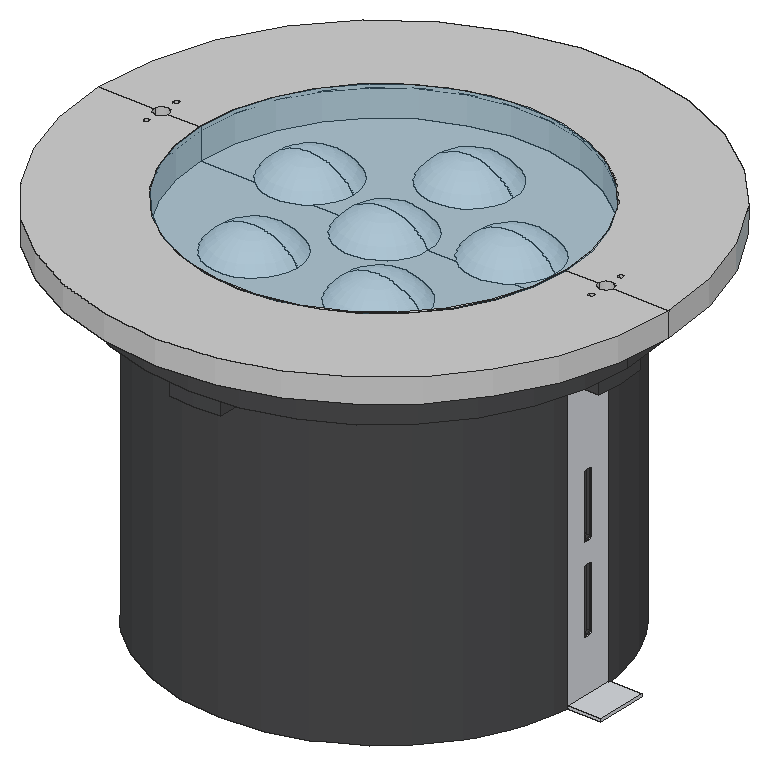
Revit family "INGROUND 18W SIMETRICA_EM18SW.1.45", category Luminarias, Revit 2019
Family settings
  Cota de conector redondo = Diámetro de uso
  Tipo de pieza = Normal
  Se basa en plano de trabajo = Sí
  Siempre vertical = No
  Corte con vacíos al cargar = No
  Origen de luz = Sí
  Compartido = No
  Punto de cálculo de habitación = No
Parameters (values of type "EMP_EM18SW.1.45")
  Ángulo de inclinación = 105.00°
  Ángulo de enfoque = 45.00°
  Ángulo de campo de foco = 45.00°
  Zone [instance] = ""
  Watt per fixture = 18.6
  Wattage = 18.6 W
  built-in parameter 1150107 = 3000 (stored number, unit not read)
  built-in parameter 1150110 = 1 (stored number, unit not read)
  built-in parameter 1150109 = 1 (stored number, unit not read)
  built-in parameter 1150112 = 1 (stored number, unit not read)
  built-in parameter 1150113 = 1 (stored number, unit not read)
  built-in parameter 1114218 = 1 (stored number, unit not read)
  Keynote = ""
  built-in parameter 1150137 = (empty or 0)
  built-in parameter 1150132 = (empty or 0)
  Modelo = "EM18SW.1.45"
  Lámpara = "NICHIA"
  Longitud de símbolo de origen de luz = 500 mm
  built-in parameter 1150105 = 4631.1 (stored number, unit not read)
  built-in parameter 1150102 = (empty or 0)
  built-in parameter 1150106 = 46.311 (stored number, unit not read)
  Lumens = 1604.99 lm
  Color Filter = 16777215
  built-in parameter 1114217 = 1 (stored number, unit not read)
  built-in parameter 1150139 = (empty or 0)
  Fabricante = "BRILLANT"
  Default Elevation = 0 mm
  built-in parameter 1150104 = 8.0166 (stored number, unit not read)
  Descripción = "LUMINARIA TIPO CIRCULAR PARA EMPOTRAR EN PISO CON CUERPO DE ALUMINIO FUNDIDO A PRESION CUBIERTO CON POLVO GRIS OSCURO, CON CUBIERTA DE ACERO INOXIDABLE Y VIDRIO TEMPLADO DE 8MM, HOUSING TIPO ABS DE 171.5MM DE DIAMETRO Y 123.6MM DE PROFUNDO. CUENTA CON 6 LED TIPO NICHIA CON UNA POTENCIA TOTAL DE 18.6W, A UNA TEMPERATURA EN BLANCO CALIDO 3000K CON 1605 LUMENES, 160mA EN CORRIENTE DE OPERACIÓN, IP67, IK09, IRC 80, DISPONIBLE PARA ATENUAR EN TRIAC (OPCIONAL), APERTURA EN 45 GRADOS POR PROYECTO, ALIMENTADA A 100-277V"
  built-in parameter 1150115 = 1 (stored number, unit not read)
  built-in parameter 1150114 = 1 (stored number, unit not read)
  Comentarios de vataje = "100-277V"
  built-in parameter 1150138 = (empty or 0)
  built-in parameter 1150134 = (empty or 0)
  Circuit [instance] = ""
  Dimming Lamp Color Temperature Shift = (empty or 0)
  built-in parameter 1150133 = 10 (stored number, unit not read)
Reference planes
  plane 1 "Centro (Frontal/Posterior)": y = 0
  plane 2: z = 0
  plane 3 "Centro (Izquierda/Derecha)": x = 0
  plane 4: z = -123.6
  plane 5: x = -653.678
  plane 6: x = 600
  plane 7: x = -90
  plane 8: x = 90
  plane 9: x = -78
  plane 10: x = 78
Forms (mm)
  Revolve 1, solid, material "Acero Inoxidable"
    sketch origin (0, 0, 0) x (1, 0, 0) y (0, 0, 1)
      loop
        line (-64.334, 7.629) -> (-100, 7.629) -> (-100, -0.88) -> (-72.479, -0.88) -> (-72.479, -12.767) -> (-57.479, -12.767) -> (-57.479, -60) -> (0, -60) -> (0, -3.134) -> (-64.334, -3.134) -> (-64.334, 7.629)
      axis (0, 7.629) -> (0, -60)
    angle from 0 to 360
  Extrusion 2, solid, material "Cristal"
    sketch origin (0, 0, 0) x (1, 0, 0) y (0, 1, 0)
      loop
        circle (0, 0) r 64.334
    from 6.498 to 7.824
  Extrusion 3, solid, material "Plastico"
    sketch origin (0, 0, 0) x (1, 0, 0) y (0, 1, 0)
      loop
        circle (0, 0) r 10
    from -75.376 to -67.99
  Extrusion 4, solid, material "Cobre"
    sketch origin (0, 0, 0) x (1, 0, 0) y (0, 1, 0)
      loop
        line (12.101, 0) -> (6.051, 10.48) -> (-6.051, 10.48) -> (-12.101, 0) -> (-6.051, -10.48) -> (6.051, -10.48) -> (12.101, 0)
    from -67.99 to -60
  Revolve 5, solid, material "Plastico"
    sketch origin (0, 0, 0) x (1, 0, 0) y (0, 0, 1)
      loop
        line (-85.75, -0.88) -> (-85.75, -15.267) -> (-72.423, -15.267) -> (-72.423, -123.6) -> (0, -123.6) -> (0, -121.1) -> (-69.88, -121.1) -> (-69.88, -12.767) -> (-83.293, -12.767) -> (-83.293, -0.88) -> (-85.75, -0.88)
      axis (0, -0.88) -> (0, -123.6)
    angle from 0 to 360
  Extrusion 6, solid, material "Plastico"
    sketch origin (0, 0, 0) x (1, 0, 0) y (0, 1, 0)
      loop
        line (-9, -71.918) -> (-9, -82.576)
        arc (-9, -82.576) -> (-0.003, -83.209) -> (9, -82.666) r 69.169
        line (9, -82.666) -> (9, -71.918)
        arc (9, -71.918) -> (0, -72.479) -> (-9, -71.918) r 72.479
      loop
        arc (-9, 71.918) -> (0, 72.479) -> (9, 71.918) r 72.479
        line (9, 71.918) -> (9, 82.666)
        arc (9, 82.666) -> (-0.003, 83.209) -> (-9, 82.576) r 69.169
        line (-9, 82.576) -> (-9, 71.918)
      loop
        line (71.917, -8.997) -> (82.575, -8.997)
        arc (82.575, -8.997) -> (83.209, 0) -> (82.666, 9.003) r 69.169
        line (82.666, 9.003) -> (71.917, 9.003)
        arc (71.917, 9.003) -> (72.478, 0.003) -> (71.917, -8.997) r 72.479
      loop
        arc (-71.917, -8.997) -> (-72.478, 0.003) -> (-71.917, 9.003) r 72.479
        line (-71.917, 9.003) -> (-82.666, 9.003)
        arc (-82.666, 9.003) -> (-83.209, 0) -> (-82.575, -8.997) r 69.169
        line (-82.575, -8.997) -> (-71.917, -8.997)
    from -21.197 to -15.267
  Extrusion 7, void
    sketch origin (0, 0, 0) x (1, 0, 0) y (0, 1, 0)
      loop
        line (-74.25, 9.003) -> (-74.25, -8.997) -> (-70.806, -8.997) -> (-70.806, 9.003) -> (-74.25, 9.003)
      loop
        line (74.25, 9.003) -> (70.806, 9.003) -> (70.806, -8.997) -> (74.25, -8.997) -> (74.25, 9.003)
    from -123.6 to -21.197
  Extrusion 8, void
    sketch origin (0, 0, 0) x (1, 0, 0) y (0, 1, 0)
      loop
        circle (-78, 6.504) r 0.895
      loop
        circle (-78, 0) r 2.557
      loop
        circle (-78, -6.504) r 0.895
      loop
        circle (78, 6.504) r 0.895
      loop
        circle (78, 0) r 2.557
      loop
        circle (78, -6.504) r 0.895
    from -3.838 to 7.824
  Revolve 9, solid
    sketch origin (31.265, 37.192, -3.091) x (-1, 0, 0) y (0, 0, 1)
      loop
        line (31.083, 0) -> (46.481, 0)
        arc (46.481, 0) -> (39.824, 6.053) -> (31.083, 8.187) r 18.242
        line (31.083, 8.187) -> (31.083, 0)
      axis (31.083, 8.187) -> (31.083, 0)
    angle from 0 to 360
  Extrusion 10, solid
    sketch origin (0, 0, 0) x (1, 0, 0) y (0, 0, 1)
      loop
        line (-70.806, -21.197) -> (-71.606, -21.197) -> (-71.606, -122.8) -> (-83.232, -122.8) -> (-83.232, -123.6) -> (-70.806, -123.6) -> (-70.806, -21.197)
      loop
        line (70.806, -21.197) -> (70.806, -123.6) -> (83.232, -123.6) -> (83.232, -122.8) -> (71.606, -122.8) -> (71.606, -21.197) -> (70.806, -21.197)
    from -9.003 to 8.997
  Extrusion 11, void
    sketch origin (0, 0, 0) x (0, 1, 0) y (0, 0, 1)
      loop
        line (1.004, -51.93) -> (-1.004, -51.93)
        arc (-1.004, -51.93) -> (-1.62, -52.185) -> (-1.875, -52.801) r 0.871
        line (-1.875, -52.801) -> (-1.875, -73.895)
        arc (-1.875, -73.895) -> (-1.62, -74.511) -> (-1.004, -74.766) r 0.871
        line (-1.004, -74.766) -> (1.004, -74.766)
        arc (1.004, -74.766) -> (1.62, -74.511) -> (1.875, -73.895) r 0.871
        line (1.875, -73.895) -> (1.875, -52.801)
        arc (1.875, -52.801) -> (1.62, -52.185) -> (1.004, -51.93) r 0.871
      loop
        line (1.004, -81.93) -> (-1.004, -81.93)
        arc (-1.004, -81.93) -> (-1.62, -82.185) -> (-1.875, -82.801) r 0.871
        line (-1.875, -82.801) -> (-1.875, -103.895)
        arc (-1.875, -103.895) -> (-1.62, -104.511) -> (-1.004, -104.766) r 0.871
        line (-1.004, -104.766) -> (1.004, -104.766)
        arc (1.004, -104.766) -> (1.62, -104.511) -> (1.875, -103.895) r 0.871
        line (1.875, -103.895) -> (1.875, -82.801)
        arc (1.875, -82.801) -> (1.62, -82.185) -> (1.004, -81.93) r 0.871
    from -74.158 to -68.356
  Extrusion 12, void
    sketch origin (0, 0, 0) x (0, 1, 0) y (0, 0, -1)
      loop
        arc (1.004, 51.93) -> (1.62, 52.185) -> (1.875, 52.801) r 0.871
        line (1.875, 52.801) -> (1.875, 73.895)
        arc (1.875, 73.895) -> (1.62, 74.511) -> (1.004, 74.766) r 0.871
        line (1.004, 74.766) -> (-1.004, 74.766)
        arc (-1.004, 74.766) -> (-1.62, 74.511) -> (-1.875, 73.895) r 0.871
        line (-1.875, 73.895) -> (-1.875, 52.801)
        arc (-1.875, 52.801) -> (-1.62, 52.185) -> (-1.004, 51.93) r 0.871
        line (-1.004, 51.93) -> (1.004, 51.93)
      loop
        arc (1.004, 81.93) -> (1.62, 82.185) -> (1.875, 82.801) r 0.871
        line (1.875, 82.801) -> (1.875, 103.895)
        arc (1.875, 103.895) -> (1.62, 104.511) -> (1.004, 104.766) r 0.871
        line (1.004, 104.766) -> (-1.004, 104.766)
        arc (-1.004, 104.766) -> (-1.62, 104.511) -> (-1.875, 103.895) r 0.871
        line (-1.875, 103.895) -> (-1.875, 82.801)
        arc (-1.875, 82.801) -> (-1.62, 82.185) -> (-1.004, 81.93) r 0.871
        line (-1.004, 81.93) -> (1.004, 81.93)
    from -74.158 to -68.356
  Revolve 13, solid
    sketch origin (66.637, 11.493, -3.091) x (-1, 0, 0) y (0, 0, 1)
      loop
        line (31.083, 0) -> (46.481, 0)
        arc (46.481, 0) -> (39.824, 6.053) -> (31.083, 8.187) r 18.242
        line (31.083, 8.187) -> (31.083, 0)
      axis (31.083, 8.187) -> (31.083, 0)
    angle from 0 to 360
  Revolve 14, solid
    sketch origin (53.126, -30.089, -3.091) x (-1, 0, 0) y (0, 0, 1)
      loop
        line (31.083, 0) -> (46.481, 0)
        arc (46.481, 0) -> (39.824, 6.053) -> (31.083, 8.187) r 18.242
        line (31.083, 8.187) -> (31.083, 0)
      axis (31.083, 8.187) -> (31.083, 0)
    angle from 0 to 360
  Revolve 15, solid
    sketch origin (9.405, -30.089, -3.091) x (-1, 0, 0) y (0, 0, 1)
      loop
        line (31.083, 0) -> (46.481, 0)
        arc (46.481, 0) -> (39.824, 6.053) -> (31.083, 8.187) r 18.242
        line (31.083, 8.187) -> (31.083, 0)
      axis (31.083, 8.187) -> (31.083, 0)
    angle from 0 to 360
  Revolve 16, solid
    sketch origin (-4.106, 11.493, -3.091) x (-1, 0, 0) y (0, 0, 1)
      loop
        line (31.083, 0) -> (46.481, 0)
        arc (46.481, 0) -> (39.824, 6.053) -> (31.083, 8.187) r 18.242
        line (31.083, 8.187) -> (31.083, 0)
      axis (31.083, 8.187) -> (31.083, 0)
    angle from 0 to 360
  Revolve 17, solid
    sketch origin (31.265, 0, -3.091) x (-1, 0, 0) y (0, 0, 1)
      loop
        line (31.083, 0) -> (46.481, 0)
        arc (46.481, 0) -> (39.824, 6.053) -> (31.083, 8.187) r 18.242
        line (31.083, 8.187) -> (31.083, 0)
      axis (31.083, 8.187) -> (31.083, 0)
    angle from 0 to 360
Cuts and joins
  Extrusion 7, Extrusion 12 cuts Revolve 5
  Extrusion 7, Extrusion 8, Extrusion 11 cuts Revolve 1
  Extrusion 11 cuts Extrusion 3
  Extrusion 11 cuts Extrusion 4
  Extrusion 11, Extrusion 12 cuts Extrusion 10
Dimensions and locks
  plane 2 to plane 4 = 123.6 mm
  level to plane 4 = 123.6 mm
  equal spacing: plane 7, plane 3 "Centro (Izquierda/Derecha)", plane 8
  plane 7 to plane 3 "Centro (Izquierda/Derecha)" = 90 mm
  plane 7 to plane 8 = 180 mm
  level to Extrusion 3 = 75.376 mm
  plane 8 to plane 7 = 180 mm
  equal spacing: plane 10, plane 3 "Centro (Izquierda/Derecha)", plane 9
  plane 3 "Centro (Izquierda/Derecha)" to plane 9 = 78 mm
  plane 10 to plane 9 = 156 mm
  plane 3 "Centro (Izquierda/Derecha)" to Revolve 5 sketch curve = 85.75 mm
  Revolve 1 sketch curve to Revolve 1 sketch curve = 100 mm
  aligned and locked: level to plane 2
Automatic sketch dimensions
  Revolve 1 sketch curve to plane 3 "Centro (Izquierda/Derecha)" = 0 mm  (x2)
  Revolve 1 sketch curve to level = 0.88 mm
  plane 9 to Revolve 1 sketch curve = 5.521 mm
  Revolve 1 sketch curve to level = 3.134 mm
  Revolve 1 sketch curve to Revolve 1 sketch curve = 8.145 mm
  Revolve 1 sketch curve to Revolve 1 sketch curve = 6.855 mm
  Revolve 1 sketch curve to Revolve 1 sketch curve = 9.634 mm
  Revolve 1 sketch curve to Revolve 1 sketch curve = 56.866 mm
  level to Revolve 1 sketch curve = 7.629 mm
  Revolve 1 sketch curve to Revolve 1 sketch curve = 17 mm
  level to Revolve 1 sketch curve = 40 mm
  plane 1 "Centro (Frontal/Posterior)" to Extrusion 2 sketch curve = 0 mm
  Extrusion 2 sketch curve to plane 3 "Centro (Izquierda/Derecha)" = 0 mm
  plane 1 "Centro (Frontal/Posterior)" to Extrusion 3 sketch curve = 0 mm
  Extrusion 3 sketch curve to plane 3 "Centro (Izquierda/Derecha)" = 0 mm
  Revolve 5 sketch curve to plane 4 = 0 mm
  Revolve 5 sketch curve to plane 3 "Centro (Izquierda/Derecha)" = 0 mm  (x2)
  Revolve 5 sketch curve to Revolve 5 sketch curve = 2.457 mm
  plane 9 to Revolve 5 sketch curve = 5.577 mm
  Revolve 5 sketch curve to Revolve 5 sketch curve = 2.544 mm
  plane 4 to Revolve 5 sketch curve = 2.5 mm
  Revolve 5 sketch curve to level = 15.267 mm
  Revolve 5 sketch curve to Revolve 5 sketch curve = 2.5 mm
  Revolve 5 sketch curve to level = 0.88 mm
  Revolve 5 sketch curve to plane 4 = 33.38 mm
  level to Revolve 5 sketch curve = 26.62 mm
  Extrusion 6 sketch curve to Extrusion 6 sketch curve = 0 mm  (x2)
  plane 1 "Centro (Frontal/Posterior)" to Extrusion 6 sketch curve = 0 mm
  Extrusion 6 sketch curve to plane 3 "Centro (Izquierda/Derecha)" = 0 mm  (x2)
  Extrusion 6 sketch curve to plane 3 "Centro (Izquierda/Derecha)" = 9 mm  (x2)
  Extrusion 6 sketch curve to plane 1 "Centro (Frontal/Posterior)" = 0.349 mm  (x2)
  Extrusion 6 sketch curve to plane 3 "Centro (Izquierda/Derecha)" = 14.041 mm
  plane 9 to Extrusion 6 sketch curve = 6.083 mm  (x2)
  Extrusion 6 sketch curve to plane 9 = 4.575 mm
  Extrusion 6 sketch curve to plane 9 = 4.666 mm
  plane 3 "Centro (Izquierda/Derecha)" to Extrusion 6 sketch curve = 0 mm
  plane 3 "Centro (Izquierda/Derecha)" to Extrusion 6 sketch curve = 0.346 mm  (x2)
  plane 3 "Centro (Izquierda/Derecha)" to Extrusion 6 sketch curve = 9 mm  (x2)
  plane 3 "Centro (Izquierda/Derecha)" to Extrusion 6 sketch curve = 14.041 mm
  Extrusion 6 sketch curve to plane 10 = 6.083 mm  (x2)
  plane 10 to Extrusion 6 sketch curve = 4.575 mm
  plane 10 to Extrusion 6 sketch curve = 4.666 mm
  plane 1 "Centro (Frontal/Posterior)" to Extrusion 6 sketch curve = 8.997 mm  (x2)
  plane 1 "Centro (Frontal/Posterior)" to Extrusion 6 sketch curve = 14.041 mm
  Extrusion 6 sketch curve to Extrusion 6 sketch curve = 57.877 mm  (x2)
  Extrusion 6 sketch curve to Extrusion 6 sketch curve = 10.658 mm  (x2)
  Extrusion 6 sketch curve to plane 1 "Centro (Frontal/Posterior)" = 14.041 mm
  plane 9 to Extrusion 7 sketch curve = 3.75 mm
  Extrusion 7 sketch curve to Extrusion 7 sketch curve = 3.444 mm  (x2)
  Extrusion 7 sketch curve to plane 10 = 7.194 mm
  plane 1 "Centro (Frontal/Posterior)" to Extrusion 7 sketch curve = 8.997 mm  (x2)
  Extrusion 7 sketch curve to plane 1 "Centro (Frontal/Posterior)" = 9.003 mm  (x2)
  plane 1 "Centro (Frontal/Posterior)" to Extrusion 8 sketch curve = 0 mm  (x2)
  Extrusion 8 sketch curve to plane 9 = 0 mm  (x3)
  Extrusion 8 sketch curve to plane 10 = 0 mm  (x3)
  plane 1 "Centro (Frontal/Posterior)" to Extrusion 8 sketch curve = 6.504 mm  (x2)
  Extrusion 8 sketch curve to plane 1 "Centro (Frontal/Posterior)" = 6.504 mm  (x2)
  plane 3 "Centro (Izquierda/Derecha)" to Revolve 9 sketch curve = 0.182 mm  (x2)
  plane 3 "Centro (Izquierda/Derecha)" to Revolve 9 sketch curve = 0.006 mm
  Revolve 9 sketch curve to level = 3.091 mm
  Revolve 9 sketch curve to plane 3 "Centro (Izquierda/Derecha)" = 15.216 mm
  Revolve 9 sketch curve to Revolve 9 sketch curve = 10.054 mm
  Revolve 9 sketch curve to Revolve 9 sketch curve = 1.925 mm
  Revolve 9 sketch curve to Revolve 9 sketch curve = 3.67 mm
  Extrusion 10 sketch curve to plane 4 = 0 mm  (x2)
  plane 4 to Extrusion 10 sketch curve = 0.8 mm  (x2)
  Extrusion 10 sketch curve to plane 9 = 5.232 mm
  plane 9 to Extrusion 10 sketch curve = 6.394 mm
  Extrusion 10 sketch curve to Extrusion 10 sketch curve = 0.8 mm  (x2)
  Extrusion 10 sketch curve to plane 10 = 7.194 mm
  plane 10 to Extrusion 10 sketch curve = 5.232 mm
  Extrusion 10 sketch curve to level = 21.197 mm  (x2)
  plane 1 "Centro (Frontal/Posterior)" to Extrusion 11 sketch curve = 1.875 mm  (x2)
  Extrusion 11 sketch curve to Extrusion 11 sketch curve = 0.871 mm  (x4)
  plane 1 "Centro (Frontal/Posterior)" to Extrusion 11 sketch curve = 1.004 mm  (x2)
  Extrusion 11 sketch curve to plane 1 "Centro (Frontal/Posterior)" = 1.004 mm  (x4)
  plane 4 to Extrusion 11 sketch curve = 18.834 mm
  Extrusion 11 sketch curve to Extrusion 11 sketch curve = 21.095 mm  (x2)
  Extrusion 11 sketch curve to Extrusion 11 sketch curve = 7.164 mm
  plane 1 "Centro (Frontal/Posterior)" to Extrusion 12 sketch curve = 1.875 mm  (x2)
  Extrusion 12 sketch curve to Extrusion 12 sketch curve = 0.871 mm  (x4)
  plane 1 "Centro (Frontal/Posterior)" to Extrusion 12 sketch curve = 1.004 mm  (x2)
  Extrusion 12 sketch curve to plane 1 "Centro (Frontal/Posterior)" = 1.004 mm  (x4)
  Extrusion 12 sketch curve to level = 51.93 mm
  Extrusion 12 sketch curve to Extrusion 12 sketch curve = 21.095 mm
  Extrusion 12 sketch curve to Extrusion 12 sketch curve = 7.164 mm
  plane 4 to Extrusion 12 sketch curve = 19.705 mm
  Revolve 13 sketch curve to level = 3.091 mm
  plane 3 "Centro (Izquierda/Derecha)" to Revolve 13 sketch curve = 35.554 mm
  Revolve 13 sketch curve to Revolve 13 sketch curve = 0.176 mm
  Revolve 13 sketch curve to Revolve 13 sketch curve = 15.398 mm
  Revolve 13 sketch curve to Revolve 13 sketch curve = 10.054 mm
  Revolve 13 sketch curve to Revolve 13 sketch curve = 0 mm
  Revolve 13 sketch curve to Revolve 13 sketch curve = 1.925 mm
  Revolve 13 sketch curve to Revolve 13 sketch curve = 3.67 mm
  Revolve 14 sketch curve to level = 3.091 mm
  plane 3 "Centro (Izquierda/Derecha)" to Revolve 14 sketch curve = 22.043 mm
  Revolve 14 sketch curve to Revolve 14 sketch curve = 0.176 mm
  plane 3 "Centro (Izquierda/Derecha)" to Revolve 14 sketch curve = 6.645 mm
  Revolve 14 sketch curve to Revolve 14 sketch curve = 10.054 mm
  Revolve 14 sketch curve to Revolve 14 sketch curve = 0 mm
  Revolve 14 sketch curve to Revolve 14 sketch curve = 1.925 mm
  Revolve 14 sketch curve to Revolve 14 sketch curve = 3.67 mm
  Revolve 15 sketch curve to level = 3.091 mm
  Revolve 15 sketch curve to plane 3 "Centro (Izquierda/Derecha)" = 21.679 mm
  Revolve 15 sketch curve to Revolve 15 sketch curve = 0.176 mm
  Revolve 15 sketch curve to Revolve 15 sketch curve = 15.398 mm
  Revolve 15 sketch curve to Revolve 15 sketch curve = 10.054 mm
  Revolve 15 sketch curve to Revolve 15 sketch curve = 0 mm
  Revolve 15 sketch curve to Revolve 15 sketch curve = 1.925 mm
  Revolve 15 sketch curve to Revolve 15 sketch curve = 3.67 mm
  Revolve 16 sketch curve to level = 3.091 mm
  Revolve 16 sketch curve to plane 3 "Centro (Izquierda/Derecha)" = 35.19 mm
  Revolve 16 sketch curve to Revolve 16 sketch curve = 0.176 mm
  Revolve 16 sketch curve to Revolve 16 sketch curve = 15.398 mm
  Revolve 16 sketch curve to Revolve 16 sketch curve = 10.054 mm
  Revolve 16 sketch curve to Revolve 16 sketch curve = 0 mm
  Revolve 16 sketch curve to Revolve 16 sketch curve = 1.925 mm
  Revolve 16 sketch curve to Revolve 16 sketch curve = 3.67 mm
  plane 3 "Centro (Izquierda/Derecha)" to Revolve 17 sketch curve = 0.182 mm  (x2)
  plane 3 "Centro (Izquierda/Derecha)" to Revolve 17 sketch curve = 0.006 mm
  Revolve 17 sketch curve to level = 3.091 mm
  Revolve 17 sketch curve to plane 3 "Centro (Izquierda/Derecha)" = 15.216 mm
  Revolve 17 sketch curve to Revolve 17 sketch curve = 10.054 mm
  Revolve 17 sketch curve to Revolve 17 sketch curve = 1.925 mm
  Revolve 17 sketch curve to Revolve 17 sketch curve = 3.67 mm
  radius of Extrusion 2 sketch curve = 64.334 mm
  radius of Extrusion 3 sketch curve = 10 mm
  radius of Extrusion 8 sketch curve = 0.895 mm  (x4)
  radius of Extrusion 8 sketch curve = 2.557 mm  (x2)
Connectors
  electrical at (0, 0, -121.1)
    settings: on cut or joined group of Revolve 5, Extrusion 7, Extrusion 12, index 1, voltage 277 V, apparent load 0 VA, apparent load phase1 0 VA, apparent load phase2 0 VA, apparent load phase3 0 VA, power factor 1, load classification "Otro", number of poles 1, system type 31, power factor state 1, is connector primary yes, connector utility no, sub classification motor no, connector description ""
